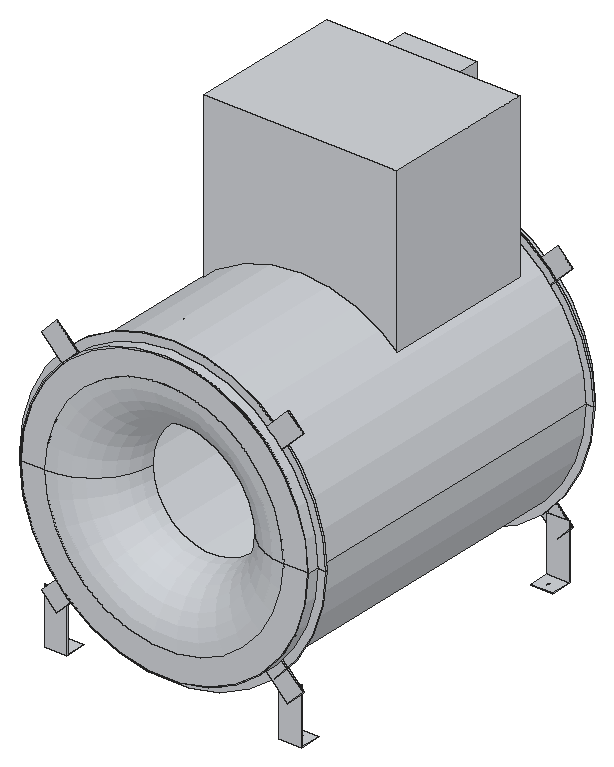
Revit family "QMX-HP_Horizontal_Level_1", category Mechanical Equipment, Revit 2019
Family settings
  Round Connector Dimension = Use Radius
  Part Type = Normal
  OmniClass Number = 23.75.35.17
  OmniClass Title = Fans
  Work Plane-Based = No
  Always vertical = Yes
  Cut with Voids When Loaded = No
  Shared = No
  Room Calculation Point = No
Parameters (values of type "365-QMX-HP_HOR_LEVEL_1")
  Unit Weight [instance] = ""
  Type_Mark [instance] = ""
  Sones [instance] = ""
  ROTATION = 45.00°  # constant formula
  POSITION [instance] = if(MOT_G, 72", if(MOT_E, 48", if(MOT_C, 24", 0")))  # 0"
  Motor RPM [instance] = ""
  Motor Enclosure [instance] = ""
  ModelID [instance] = ""
  MOT_G [instance] = no
  MOT_E [instance] = no
  MOT_C [instance] = no
  MOT_A [instance] = yes
  MOTOR_G [instance] = if(POSITION = 72", K - L, 1")  # 1"
  MOTOR_E [instance] = if(POSITION = 48", K - L, 1")  # 1"
  MOTOR_C [instance] = if(POSITION = 24", K - L, 1")  # 1"
  MOTOR_A [instance] = if(POSITION = 0", K - L, 1")  # 48 1/4"
  MCHALF = 17 1/4"
  MOTORCOVER = MCHALF * 2  # 34 1/2"
  LwA [instance] = ""
  J/2 = J / 2  # 27 11/16"
  H = 26 3/8"
  G = 30 7/16"
  Feet_Height = 10"
  E/2 = E / 2  # 3/16"
  E = 3/8"
  G/2 = J / 2  # 27 11/16"
  Fan RPM [instance] = ""
  D = 59 1/2"
  Brake Hp [instance] = ""
  Accessories [instance] = ""
  90 = 90.00°  # constant formula
  45 = 45.00°
  3 = 3"  # constant formula
  1.9375 = 1 15/16"  # constant formula
  -Feet_Height = -Feet_Height  # -10"
  -B/3*2 = -B / 3 * 2  # -42.66667"
  -(J/2)-.75 = -((J / 2) - 3/4")  # -26 15/16"
  (M/2)-2 = (M / 2) - 2"  # 19 1/32"
  (M/2)+2 = (M / 2) + 2"  # 23 1/32"
  (J/2)-.75 = (J / 2) - 3/4"  # 26 15/16"
  J+1.5 = J + 1 1/2"  # 56 7/8"
  J = 55 3/8"
  M/2 = M / 2  # 21 1/32"
  M-1.5 = M - 1 1/2"  # 40 9/16"
  M+1.5 = M + 1 1/2"  # 43 9/16"
  M = 42 1/16"
  K-D-1.5 = K - L - 1 1/2"  # 46 3/4"
  K-D = K - L  # 48 1/4"
  K = 78 1/16"
  L = 29 13/16"
  C/2 = C / 2  # 27 3/8"
  C = 54 3/4"
  B/8 = B / 6  # 10.66667"
  B/6 = B / 6  # 10.66667"
  B/3*2 = B / 3 * 2  # 42.66667"
  B/2 = B / 2  # 32"
  B/10 = B / 10  # 6.4"
  B = 64"
  A/8 = A / 8  # 6 15/32"
  A/4 = A / 4  # 12 15/16"
  A/2 = A / 2  # 25 7/8"
  A = 51 3/4"
  0 = 0"  # constant formula
  Voltage [instance] = 0 V
  URL = "www.lorencook.com"
  Type Comments = "Mixed Flow Inline Horizontal Mount Level 1 Belt Drive Arrangement 9"  # constant formula
  Static Pressure [instance] = 0.00 in-wg
  Power [instance] = Voltage * Motor FLA * sqrt(if(Phase = 3, 3, 1))  # 0 VA
  Phase [instance] = 0
  Number of Poles [instance] = 1
  Motor Hp [instance] = "0"
  Motor FLA [instance] = 0 A
  Model = "QMX-HP Level 1"  # constant formula
  Manufacturer = "Loren Cook Company"
  CFM [instance] = 0 CFM
  1.5 = 1 1/2"  # constant formula
  ONE EIGTH = 1/8"  # constant formula
  -(B/2) = -(B / 2)  # -32"
  (M+3)/2 = (M + 3") / 2  # 22 17/32"
  (D/2)+1.5 = (D / 2) + 1 1/2"  # 31 1/4"
  (A/2)-.125 = (A / 2) - 1/8"  # 25 3/4"
Types (15): name | MOTOR_A | MCHALF | MOTORCOVER | J/2 | H | G | Feet_Height | E/2 | E | G/2 | D | -Feet_Height | -B/3*2 | -(J/2)-.75 | (M/2)-2 | (M/2)+2 | (J/2)-.75 | J+1.5 | J | M/2 | M-1.5 | M+1.5 | M | K-D-1.5 | K-D | K | L | C/2 | C | B/8 | B/6 | B/3*2 | B/2 | B/10 | B | A/8 | A/4 | A/2 | A | -(B/2) | (M+3)/2 | (D/2)+1.5 | (A/2)-.125
  (no name) | 48 1/4" | 17 1/4" | 34 1/2" | 27 11/16" | 26 3/8" | 30 7/16" | 10" | 3/16" | 3/8" | 27 11/16" | 59 1/2" | -10" | -42.66667" | -26 15/16" | 19 1/32" | 23 1/32" | 26 15/16" | 56 7/8" | 55 3/8" | 21 1/32" | 40 9/16" | 43 9/16" | 42 1/16" | 46 3/4" | 48 1/4" | 78 1/16" | 29 13/16" | 27 3/8" | 54 3/4" | 10.66667" | 10.66667" | 42.66667" | 32" | 6.4" | 64" | 6 15/32" | 12 15/16" | 25 7/8" | 51 3/4" | -32" | 22 17/32" | 31 1/4" | 25 3/4"
  165-QMX-HP_HOR_LEVEL_1 | 29 13/16" | 10" | 20" | 12 1/4" | 15 5/8" | 11 7/8" | 4" | 3/16" | 3/8" | 12 1/4" | 30 1/8" | -4" | -22" | -11 1/2" | 8 21/32" | 12 21/32" | 11 1/2" | 26" | 24 1/2" | 10 21/32" | 19 13/16" | 22 13/16" | 21 5/16" | 28 5/16" | 29 13/16" | 44 1/8" | 14 5/16" | 13 1/4" | 26 1/2" | 5 1/2" | 5 1/2" | 22" | 16 1/2" | 3.3" | 33" | 2 15/16" | 5 7/8" | 11 3/4" | 23 1/2" | -16 1/2" | 12 5/32" | 16 9/16" | 11 5/8"
  180-QMX-HP_HOR_LEVEL_1 | 31 3/8" | 10" | 20" | 13 7/16" | 19 3/8" | 9 3/8" | 5" | 3/16" | 3/8" | 13 7/16" | 32 5/16" | -5" | -23.33333" | -12 11/16" | 9 7/16" | 13 7/16" | 12 11/16" | 28 3/8" | 26 7/8" | 11 7/16" | 21 3/8" | 24 3/8" | 22 7/8" | 29 7/8" | 31 3/8" | 46 7/8" | 15 1/2" | 14 5/16" | 28 5/8" | 5.83333" | 5.83333" | 23.33333" | 17 1/2" | 3 1/2" | 35" | 3 13/64" | 6 13/32" | 12 13/16" | 25 5/8" | -17 1/2" | 12 15/16" | 17 21/32" | 12 11/16"
  202-QMX-HP_HOR_LEVEL_1 | 32 13/16" | 10" | 20" | 14 7/16" | 19 3/8" | 12" | 6" | 3/16" | 3/8" | 14 7/16" | 35 1/2" | -6" | -25" | -13 11/16" | 10 9/16" | 14 9/16" | 13 11/16" | 30 3/8" | 28 7/8" | 12 9/16" | 23 5/8" | 26 5/8" | 25 1/8" | 31 5/16" | 32 13/16" | 50 1/16" | 17 1/4" | 15 7/8" | 31 3/4" | 6 1/4" | 6 1/4" | 25" | 18 3/4" | 3 3/4" | 37 1/2" | 3 19/32" | 7 3/16" | 14 3/8" | 28 3/4" | -18 3/4" | 14 1/16" | 19 1/4" | 14 1/4"
  225-QMX-HP_HOR_LEVEL_1 | 34 11/16" | 10 165/256" | 21 37/128" | 16 3/16" | 19 3/8" | 15 1/2" | 7" | 3/16" | 3/8" | 16 3/16" | 38 3/4" | -7" | -27.33333" | -15 7/16" | 11 11/16" | 15 11/16" | 15 7/16" | 33 7/8" | 32 3/8" | 13 11/16" | 25 7/8" | 28 7/8" | 27 3/8" | 33 3/16" | 34 11/16" | 53 11/16" | 19" | 17 15/32" | 34 15/16" | 6.83333" | 6.83333" | 27.33333" | 20 1/2" | 4.1" | 41" | 3 127/128" | 7 63/64" | 15 31/32" | 31 15/16" | -20 1/2" | 15 3/16" | 20 7/8" | 15 27/32"
  245-QMX-HP_HOR_LEVEL_1 | 37 7/8" | 11 149/256" | 23 21/128" | 17 15/16" | 22 3/4" | 14 3/16" | 7 1/2" | 3/16" | 3/8" | 17 15/16" | 41 9/16" | -7 1/2" | -29.66667" | -17 3/16" | 12 23/32" | 16 23/32" | 17 3/16" | 37 3/8" | 35 7/8" | 14 23/32" | 27 15/16" | 30 15/16" | 29 7/16" | 36 3/8" | 37 7/8" | 58 3/8" | 20 1/2" | 18 7/8" | 37 3/4" | 7.41667" | 7.41667" | 29.66667" | 22 1/4" | 4.45" | 44 1/2" | 4 11/32" | 8 11/16" | 17 3/8" | 34 3/4" | -22 1/4" | 16 7/32" | 22 9/32" | 17 1/4"
  270-QMX-HP_HOR_LEVEL_1 | 41 7/16" | 12 197/256" | 25 69/128" | 19 3/16" | 26 3/8" | 14 3/16" | 8" | 3/16" | 3/8" | 19 3/16" | 45 1/8" | -8" | -31.33333" | -18 7/16" | 13 31/32" | 17 31/32" | 18 7/16" | 39 7/8" | 38 3/8" | 15 31/32" | 30 7/16" | 33 7/16" | 31 15/16" | 39 15/16" | 41 7/16" | 63 7/8" | 22 7/16" | 20 21/32" | 41 5/16" | 7.83333" | 7.83333" | 31.33333" | 23 1/2" | 4.7" | 47" | 4 101/128" | 9 37/64" | 19 5/32" | 38 5/16" | -23 1/2" | 17 15/32" | 24 1/16" | 19 1/32"
  300-QMX-HP_HOR_LEVEL_1 | 43 3/4" | 14 43/256" | 28 43/128" | 22 11/16" | 26 3/8" | 20 7/8" | 9" | 3/16" | 3/8" | 22 11/16" | 49 3/8" | -9" | -36" | -21 15/16" | 15 15/32" | 19 15/32" | 21 15/16" | 46 7/8" | 45 3/8" | 17 15/32" | 33 7/16" | 36 7/16" | 34 15/16" | 42 1/4" | 43 3/4" | 68 1/2" | 24 3/4" | 22 3/4" | 45 1/2" | 9" | 9" | 36" | 27" | 5.4" | 54" | 5 5/16" | 10 5/8" | 21 1/4" | 42 1/2" | -27" | 18 31/32" | 26 3/16" | 21 1/8"
  330-QMX-HP_HOR_LEVEL_1 | 45 9/16" | 15 149/256" | 31 21/128" | 24 15/16" | 26 3/8" | 25 9/16" | 9 1/2" | 3/16" | 3/8" | 24 15/16" | 53 5/8" | -9 1/2" | -39" | -24 3/16" | 16 31/32" | 20 31/32" | 24 3/16" | 51 3/8" | 49 7/8" | 18 31/32" | 36 7/16" | 39 7/16" | 37 15/16" | 44 1/16" | 45 9/16" | 72 9/16" | 27" | 24 7/8" | 49 3/4" | 9 3/4" | 9 3/4" | 39" | 29 1/4" | 5.85" | 58 1/2" | 5 27/32" | 11 11/16" | 23 3/8" | 46 3/4" | -29 1/4" | 20 15/32" | 28 5/16" | 23 1/4"
  365-QMX-HP_HOR_LEVEL_1 | 48 1/4" | 17 1/4" | 34 1/2" | 27 11/16" | 26 3/8" | 30 7/16" | 10" | 3/16" | 3/8" | 27 11/16" | 59 1/2" | -10" | -42.66667" | -26 15/16" | 19 1/32" | 23 1/32" | 26 15/16" | 56 7/8" | 55 3/8" | 21 1/32" | 40 9/16" | 43 9/16" | 42 1/16" | 46 3/4" | 48 1/4" | 78 1/16" | 29 13/16" | 27 3/8" | 54 3/4" | 10.66667" | 10.66667" | 42.66667" | 32" | 6.4" | 64" | 6 15/32" | 12 15/16" | 25 7/8" | 51 3/4" | -32" | 22 17/32" | 31 1/4" | 25 3/4"
  402-QMX-HP_HOR_LEVEL_1 | 53 1/4" | 18 251/256" | 37 123/128" | 30" | 26 3/8" | 32 15/16" | 11" | 3/16" | 3/8" | 30" | 64 7/8" | -11" | -45.66667" | -29 1/4" | 20 29/32" | 24 29/32" | 29 1/4" | 61 1/2" | 60" | 22 29/32" | 44 5/16" | 47 5/16" | 45 13/16" | 51 3/4" | 53 1/4" | 85 7/8" | 32 5/8" | 29 31/32" | 59 15/16" | 11.41667" | 11.41667" | 45.66667" | 34 1/4" | 6.85" | 68 1/2" | 7 15/128" | 14 15/64" | 28 15/32" | 56 15/16" | -34 1/4" | 24 13/32" | 33 15/16" | 28 11/32"
  445-QMX-HP_HOR_LEVEL_1 | 59 7/8" | 21 5/256" | 42 5/128" | 32 3/4" | 30 3/8" | 36 5/16" | 12" | 3/16" | 3/8" | 32 3/4" | 70 7/8" | -12" | -49.33333" | -32" | 23 3/32" | 27 3/32" | 32" | 67" | 65 1/2" | 25 3/32" | 48 11/16" | 51 11/16" | 50 3/16" | 58 3/8" | 59 7/8" | 95 1/2" | 35 5/8" | 33 1/32" | 66 1/16" | 12.33333" | 12.33333" | 49.33333" | 37" | 7.4" | 74" | 7 113/128" | 15 49/64" | 31 17/32" | 63 1/16" | -37" | 26 19/32" | 36 15/16" | 31 13/32"
  490-QMX-HP_HOR_LEVEL_1 | 62 13/16" | 23 1/8" | 46 1/4" | 36" | 30 3/8" | 42 7/8" | 12 1/2" | 3/16" | 3/8" | 36" | 78 1/8" | -12 1/2" | -53.66667" | -35 1/4" | 25 5/8" | 29 5/8" | 35 1/4" | 73 1/2" | 72" | 27 5/8" | 53 3/4" | 56 3/4" | 55 1/4" | 61 5/16" | 62 13/16" | 101 5/8" | 38 13/16" | 36 3/16" | 72 3/8" | 13.41667" | 13.41667" | 53.66667" | 40 1/4" | 8.05" | 80 1/2" | 8 43/64" | 17 11/32" | 34 11/16" | 69 3/8" | -40 1/4" | 29 1/8" | 40 9/16" | 34 9/16"
  540-QMX-HP_HOR_LEVEL_1 | 68 5/8" | 25 123/256" | 50 123/128" | 39 1/4" | 33 3/8" | 46 1/4" | 13" | 7/32" | 7/16" | 39 1/4" | 85 3/16" | -13" | -58" | -38 1/2" | 28 1/8" | 32 1/8" | 38 1/2" | 80" | 78 1/2" | 30 1/8" | 58 3/4" | 61 3/4" | 60 1/4" | 67 1/8" | 68 5/8" | 111" | 42 3/8" | 39 25/32" | 79 9/16" | 14 1/2" | 14 1/2" | 58" | 43 1/2" | 8.7" | 87" | 9 71/128" | 19 7/64" | 38 7/32" | 76 7/16" | -43 1/2" | 31 5/8" | 44 3/32" | 38 3/32"
  600-QMX-HP_HOR_LEVEL_1 | 73 1/16" | 25 123/256" | 50 123/128" | 43 9/16" | 33 3/8" | 54 11/16" | 14" | 7/32" | 7/16" | 43 9/16" | 93 3/4" | -14" | -63.66667" | -42 13/16" | 31 5/32" | 35 5/32" | 42 13/16" | 88 5/8" | 87 1/8" | 33 5/32" | 64 13/16" | 67 13/16" | 66 5/16" | 71 9/16" | 73 1/16" | 119 11/16" | 46 5/8" | 44" | 88" | 15.91667" | 15.91667" | 63.66667" | 47 3/4" | 9.55" | 95 1/2" | 10 39/64" | 21 7/32" | 42 7/16" | 84 7/8" | -47 3/4" | 34 21/32" | 48 3/8" | 42 5/16"
Reference planes (in)
  plane 1 "Center (Front/Back)": y = 0
  plane 2: z = 0
  plane 3 "Center (Left/Right)": x = 0.40541
  plane 4: z = -29.8125
  plane 5: y = -1.5625
  plane 6: y = 24.8125
  plane 7: y = -32
  plane 8: y = 32
Forms (in)
  Extrusion 1, solid
    sketch origin (0, 0, 0) x (1, 0, 0) y (0, 0, 1)
      loop
        circle (0.40541, 0) r 25.875
      loop
        circle (0.40541, 0) r 25.75
    from -32 <- "-(B/2)" to 32 <- "B/2"
  Revolve 2, solid
    sketch origin (0, 0, 0) x (1, 0, 0) y (0, 1, 0)
      loop
        line (-25.34459, -32) -> (0.40541, -32) -> (0.40541, -21.33333) -> (-25.34459, -21.33333) -> (-25.34459, -32)
      axis (0.40541, -32) -> (0.40541, -21.33333)
    angle from 0 to 360
  Revolve 3, void
    sketch origin (0, 0, 0) x (1, 0, 0) y (0, 1, 0)
      loop
        line (0.40541, -21.33333) -> (-10.26125, -21.33333)
        arc (-10.26125, -21.33333) -> (-13.38545, -28.87581) -> (-20.92792, -32) r 10.66667
        line (-20.92792, -32) -> (0.40541, -32) -> (0.40541, -21.33333)
      axis (0.40541, -21.33333) -> (0.40541, -32)
    angle from 0 to 360
  Revolve 4, solid
    sketch origin (0, 0, 0) x (1, 0, 0) y (0, 1, 0)
      loop
        line (0.40541, 32) -> (-10.26125, 32) -> (-10.26125, 0) -> (0.40541, 0) -> (0.40541, 32)
      axis (0.40541, 32) -> (0.40541, 0)
    angle from 0 to 360
  Revolve 5, solid
    sketch origin (0, 0, 0) x (1, 0, 0) y (0, 1, 0)
      loop
        line (-26.96959, 30.0625) -> (-26.96959, 29.9375) -> (-25.46959, 29.9375) -> (-25.46959, 30.0625) -> (-26.96959, 30.0625)
      loop
        line (-26.96959, -29.9375) -> (-26.96959, -30.0625) -> (-25.46959, -30.0625) -> (-25.46959, -29.9375) -> (-26.96959, -29.9375)
      axis (0.40541, 30.0625) -> (0.40541, -30.0625)
    angle from 0 to 360
  Extrusion 6, solid, visible <- "MOT_A"
    sketch origin (0.40541, 29.9375, 0) x (-1, 0, 0) y (0, 0, -1)
      loop
        line (6.46875, 0) -> (-6.46875, 0) -> (-6.46875, -48.125) -> (6.46875, -48.125) -> (6.46875, 0)
    from 0 to 4
  Extrusion 7, solid, visible <- "MOT_A"
    sketch origin (0.40541, 25.9375, 0) x (-1, 0, 0) y (0, 0, -1)
      loop
        line (17.25, 0) -> (-17.25, 0) -> (-17.25, -48.25) -> (17.25, -48.25) -> (17.25, 0)
    from 0 to 27.5
  Extrusion 8, solid
    sketch origin (0.40541, -30.0625, 0) x (-1, 0, 0) y (0, 0, -1)
      loop
        line (23.46711, 20.72707) -> (20.72707, 23.46711) -> (16.92637, 19.66641) -> (19.66641, 16.92637) -> (23.46711, 20.72707)
      loop
        line (23.46711, -20.72707) -> (19.66641, -16.92637) -> (16.92637, -19.66641) -> (20.72707, -23.46711) -> (23.46711, -20.72707)
      loop
        line (-20.72707, -23.46711) -> (-16.92637, -19.66641) -> (-19.66641, -16.92637) -> (-23.46711, -20.72707) -> (-20.72707, -23.46711)
      loop
        line (-19.66641, 16.92637) -> (-16.92637, 19.66641) -> (-20.72707, 23.46711) -> (-23.46711, 20.72707) -> (-19.66641, 16.92637)
    from 0 to 0.125
  Extrusion 9, solid
    sketch origin (0.40541, 30.0625, 0) x (0, 0, -1) y (-1, 0, 0)
      loop
        line (16.92637, 19.66641) -> (19.66641, 16.92637) -> (23.46711, 20.72707) -> (20.72707, 23.46711) -> (16.92637, 19.66641)
      loop
        line (-19.66641, -16.92637) -> (-23.46711, -20.72707) -> (-20.72707, -23.46711) -> (-16.92637, -19.66641) -> (-19.66641, -16.92637)
      loop
        line (19.66641, -16.92637) -> (16.92637, -19.66641) -> (20.72707, -23.46711) -> (23.46711, -20.72707) -> (19.66641, -16.92637)
      loop
        line (-19.66641, 16.92637) -> (-16.92637, 19.66641) -> (-20.72707, 23.46711) -> (-23.46711, 20.72707) -> (-19.66641, 16.92637)
    from 0 to 0.125
  Extrusion 10, solid, visible <- "MOT_C"
    sketch origin (0.40541, -1.5625, 0) x (-1, 0, 0) y (0, 0, -1)
      loop
        line (-1, -17.25) -> (0, -17.25) -> (0, 17.25) -> (-1, 17.25) -> (-1, -17.25)
    from 0 to -27.5
  Extrusion 11, solid, visible <- "MOT_E"
    sketch origin (0.40541, -1.5625, 0) x (-1, 0, 0) y (0, 0, -1)
      loop
        line (17.25, 1) -> (-17.25, 1) -> (-17.25, 0) -> (17.25, 0) -> (17.25, 1)
    from 0 to -27.5
  Extrusion 12, solid, visible <- "MOT_G"
    sketch origin (0.40541, -20.5625, 0) x (-1, 0, 0) y (0, 0, -1)
      loop
        line (1, -17.25) -> (1, 17.25) -> (0, 17.25) -> (0, -17.25) -> (1, -17.25)
    from -19 to -46.5
  Extrusion 13, solid, visible <- "MOT_C"
    sketch origin (0.40541, 25.9375, 0) x (1, 0, 0) y (0, 0, -1)
      loop
        line (0.875, -6.46875) -> (0.875, 6.46875) -> (0, 6.46875) -> (0, -6.46875) -> (0.875, -6.46875)
    from 0 to 4
  Extrusion 14, solid, visible <- "MOT_E"
    sketch origin (0.40541, 25.9375, 0) x (1, 0, 0) y (0, 0, -1)
      loop
        line (6.46875, 0.875) -> (-6.46875, 0.875) -> (-6.46875, 0) -> (6.46875, 0) -> (6.46875, 0.875)
    from 0 to 4
  Extrusion 15, solid, visible <- "MOT_G"
    sketch origin (0.40541, 25.9375, 0) x (1, 0, 0) y (0, 0, -1)
      loop
        line (0, -6.46875) -> (0, 6.46875) -> (-0.875, 6.46875) -> (-0.875, -6.46875) -> (0, -6.46875)
    from 0 to 4
  Extrusion 16, solid
    sketch origin (-63.11272, -180, -29.8125) x (-1, 0, 0) y (0, -1, 0)
      loop
        line (-40.48688, -210.0625) -> (-40.48688, -206.1875) -> (-44.48688, -206.1875) -> (-44.48688, -210.0625) -> (-40.48688, -210.0625)
      loop
        line (-82.54938, -210.0625) -> (-82.54938, -206.1875) -> (-86.54938, -206.1875) -> (-86.54938, -210.0625) -> (-82.54938, -210.0625)
      loop
        line (-82.54938, -149.9375) -> (-86.54938, -149.9375) -> (-86.54938, -153.8125) -> (-82.54938, -153.8125) -> (-82.54938, -149.9375)
      loop
        line (-44.48688, -149.9375) -> (-44.48688, -153.8125) -> (-40.48688, -153.8125) -> (-40.48688, -149.9375) -> (-44.48688, -149.9375)
      loop
        circle (-42.48688, -207.6875) r 0.1875
      loop
        circle (-42.48688, -152.3125) r 0.1875
      loop
        circle (-84.54938, -152.3125) r 0.1875
      loop
        circle (-84.54938, -207.6875) r 0.1875
    from 0 to 10 <- "Feet_Height"
  Extrusion 17, void
    sketch origin (-63.11272, -180, -29.8125) x (0, -1, 0) y (-1, 0, 0)
      loop
        line (-206.1875, -40.48688) -> (-209.9375, -40.48688) -> (-209.9375, -44.48688) -> (-206.1875, -44.48688) -> (-206.1875, -40.48688)
      loop
        line (-209.9375, -82.54938) -> (-209.9375, -86.54938) -> (-206.1875, -86.54938) -> (-206.1875, -82.54938) -> (-209.9375, -82.54938)
      loop
        line (-153.8125, -86.54938) -> (-150.0625, -86.54938) -> (-150.0625, -82.54938) -> (-153.8125, -82.54938) -> (-153.8125, -86.54938)
      loop
        line (-150.0625, -44.48688) -> (-150.0625, -40.48688) -> (-153.8125, -40.48688) -> (-153.8125, -44.48688) -> (-150.0625, -44.48688)
    from -0.125 to -10 <- "-Feet_Height"
Cuts and joins
  Revolve 3 cuts Revolve 2
  Extrusion 17 cuts Extrusion 16
Lines and regions (in)
  reference lines
    curve 1: line (0.40541, -42.8125, 0) -> (-33.71249, -42.8125, 34.1179)
    curve 2: line (0.40541, -42.8125, 0) -> (34.52331, -42.8125, 34.1179)
    curve 3: line (-33.71249, -42.8125, -34.1179) -> (0.40541, -42.8125, 0)
    curve 4: line (0.40541, -42.8125, 0) -> (34.52331, -42.8125, -34.1179)
Dimensions and locks (in)
  "0": Extrusion 1 sketch curve to level  (x2)
  "0": Revolve 2 sketch curve to plane 3 "Center (Left/Right)"  (x2)
  "0": Revolve 2 sketch curve to Extrusion 1
  "(A/2)-.125": Revolve 2 sketch curve to plane 3 "Center (Left/Right)"
  "B/8": Revolve 2 sketch curve to Extrusion 1
  "B/8": Revolve 3 sketch curve to plane 3 "Center (Left/Right)"
  "0": Revolve 3 sketch curve to Extrusion 1
  "0": Revolve 3 sketch curve to Revolve 2
  "0": Revolve 3 sketch curve to plane 3 "Center (Left/Right)"  (x2)
  "0": Revolve 4 sketch curve to plane 1 "Center (Front/Back)"
  "0": Revolve 4 sketch curve to plane 3 "Center (Left/Right)"  (x2)
  "B/8": Revolve 4 sketch curve to Revolve 4 sketch curve
  "ONE EIGTH": Revolve 5 sketch curve to Revolve 5 sketch curve  (x2)
  "A/2": Revolve 5 sketch curve to plane 3 "Center (Left/Right)"  (x2)
  "C/2": Revolve 5 sketch curve to plane 3 "Center (Left/Right)"  (x2)
  "0": Revolve 5 sketch curve to plane 3 "Center (Left/Right)"
  "0": Extrusion 1 to Revolve 4 sketch curve
  "0": curve 1 to level
  "0": plane 3 "Center (Left/Right)" to curve 1
  "K-D": curve 1 to curve 1
  "0": curve 2 to plane 3 "Center (Left/Right)"
  "0": curve 2 to level
  "K-D": curve 2 to curve 2
  "MCHALF": plane 3 "Center (Left/Right)" to Extrusion 7 sketch curve
  "MCHALF": Extrusion 7 sketch curve to plane 3 "Center (Left/Right)"
  "0": Extrusion 7 sketch curve to level
  "MOTOR_A": Extrusion 7 sketch curve to level
  "0": Extrusion 6 sketch curve to level
  "ONE EIGTH": Extrusion 7 to Extrusion 6 sketch curve
  "A/8": plane 3 "Center (Left/Right)" to Extrusion 6 sketch curve  (x2)
  "0": level to curve 3
  "0": level to curve 4
  "0": curve 4 to plane 3 "Center (Left/Right)"
  "0": plane 3 "Center (Left/Right)" to curve 3
  "K-D": curve 3 to curve 3
  "K-D": curve 4 to curve 4
  "0": Extrusion 10 sketch curve to plane 3 "Center (Left/Right)"
  "MOTOR_C": Extrusion 10 sketch curve to plane 3 "Center (Left/Right)"
  "MCHALF": Extrusion 10 sketch curve to level
  "MCHALF": level to Extrusion 10 sketch curve
  "0": Extrusion 11 sketch curve to level
  "MOTOR_E": level to Extrusion 11 sketch curve
  "MCHALF": Extrusion 11 sketch curve to plane 3 "Center (Left/Right)"  (x2)
  "0": Extrusion 12 sketch curve to plane 3 "Center (Left/Right)"
  "MOTOR_G": plane 3 "Center (Left/Right)" to Extrusion 12 sketch curve
  "MCHALF": Extrusion 12 sketch curve to level
  "MCHALF": level to Extrusion 12 sketch curve
  "0": Extrusion 13 sketch curve to plane 3 "Center (Left/Right)"
  "ONE EIGTH": Extrusion 13 sketch curve to Extrusion 10
  "A/8": level to Extrusion 13 sketch curve
  "A/8": Extrusion 13 sketch curve to level
  "ONE EIGTH": Extrusion 11 to Extrusion 14 sketch curve
  "0": Extrusion 14 sketch curve to level
  "A/8": Extrusion 14 sketch curve to Extrusion 12  (x2)
  "A/8": level to Extrusion 15 sketch curve
  "A/8": Extrusion 15 sketch curve to level
  "0": plane 3 "Center (Left/Right)" to Extrusion 15 sketch curve
  "ONE EIGTH": Extrusion 15 sketch curve to Extrusion 12
  "1.9375": curve 3 to Extrusion 9 sketch curve
  "1.9375": Extrusion 9 sketch curve to curve 3
  "1.9375": curve 4 to Extrusion 9 sketch curve
  "1.9375": Extrusion 9 sketch curve to curve 4
  "1.9375": Extrusion 9 sketch curve to curve 2
  "1.9375": curve 2 to Extrusion 9 sketch curve
  "1.9375": Extrusion 9 sketch curve to curve 1
  "1.9375": curve 1 to Extrusion 9 sketch curve
  "A/2": curve 3 to Extrusion 9 sketch curve
  "A/2": Extrusion 9 sketch curve to curve 3
  "A/2": Extrusion 9 sketch curve to curve 4
  "A/2": curve 4 to Extrusion 9 sketch curve
  "(D/2)+1.5": Extrusion 9 sketch curve to curve 3
  "(D/2)+1.5": curve 2 to Extrusion 9 sketch curve
  "(D/2)+1.5": curve 4 to Extrusion 9 sketch curve
  "(D/2)+1.5": Extrusion 9 sketch curve to curve 4
  "1.9375": Extrusion 1 to Revolve 5 sketch curve  (x2)
  "L": level to plane 4
  "(M/2)+2": plane 3 "Center (Left/Right)" to Extrusion 16 sketch curve  (x2)
  "(M/2)+2": Extrusion 16 sketch curve to plane 3 "Center (Left/Right)"  (x2)
  "(M/2)-2": Extrusion 16 sketch curve to plane 3 "Center (Left/Right)"  (x2)
  "(M/2)-2": plane 3 "Center (Left/Right)" to Extrusion 16 sketch curve  (x2)
  locked: Extrusion 9 to Extrusion 16 sketch curve at 4
  locked: Extrusion 8 to Extrusion 16 sketch curve at 4
  "M/2": Extrusion 16 sketch curve to plane 3 "Center (Left/Right)"  (x2)
  "M/2": plane 3 "Center (Left/Right)" to Extrusion 16 sketch curve  (x2)
  "J/2": Extrusion 16 sketch curve to plane 1 "Center (Front/Back)"  (x2)
  "J/2": plane 1 "Center (Front/Back)" to Extrusion 16 sketch curve  (x2)
  "B/2": plane 1 "Center (Front/Back)" to plane 7
  "B/2": plane 8 to plane 1 "Center (Front/Back)"
  "G": plane 5 to plane 7
  "H": plane 6 to plane 5
  "A/2": radius of Extrusion 1 sketch curve
  "(A/2)-.125": radius of Extrusion 1 sketch curve
  "B/8": radius of Revolve 3 sketch curve
  "E/2": radius of Extrusion 16 sketch curve  (x4)
  "ROTATION": angle curve 1 to level
  "90": angle curve 2 to curve 1
  "45": angle level to curve 3
  "45": angle curve 4 to level
  aligned and locked: Extrusion 8 sketch curve to Extrusion 9  (x16)
  aligned and locked: Extrusion 16 sketch curve to Extrusion 16 sketch curve  (x2)
  aligned and locked: Extrusion 17 sketch curve to Extrusion 16  (x11)
  aligned and locked: Extrusion 17 sketch curve to Revolve 5  (x2)
  aligned and locked: Revolve 5 to Extrusion 17 sketch curve  (x2)
  aligned and locked: Extrusion 16 to Extrusion 17 sketch curve
  aligned and locked: Extrusion 8 to Extrusion 16 sketch curve
  aligned and locked: Revolve 5 to Extrusion 16 sketch curve  (x3)
  aligned and locked: Extrusion 14 to Extrusion 6
  aligned and locked: Extrusion 6 to Extrusion 13
  aligned and locked: Extrusion 6 to Extrusion 15
  aligned and locked: plane 5 to Extrusion 7
  aligned and locked: plane 5 to Extrusion 12
  aligned and locked: Extrusion 7 to Extrusion 10
  aligned and locked: Extrusion 11 to Extrusion 7
  aligned and locked: Extrusion 7 to Extrusion 12
Automatic sketch dimensions
  Extrusion 1 sketch curve to Extrusion 1 sketch curve = 0"
  Extrusion 1 sketch curve to plane 3 "Center (Left/Right)" = 0"
  Revolve 2 sketch curve to Revolve 2 sketch curve = 0"
  plane 1 "Center (Front/Back)" to Revolve 2 sketch curve = 3.17163"
  Revolve 3 sketch curve to Revolve 3 sketch curve = 0"  (x3)
  Revolve 3 sketch curve to Revolve 3 sketch curve = 3"
  Revolve 4 sketch curve to plane 1 "Center (Front/Back)" = 0"
  Revolve 4 sketch curve to Revolve 4 sketch curve = 4"
  Revolve 5 sketch curve to Revolve 5 sketch curve = 1 1/2"
  Revolve 5 sketch curve to Revolve 5 sketch curve = 4"
Connectors (in)
  hvac at (0.40541, -32, 0), driven by "A/2"
    settings: on cut or joined group of Revolve 2, Revolve 3, index 1, duct flow 0 CFM, flow factor 0, pres drop 0.00 in-wg, loss coef 0, conn angle 0.00°, conn width 12", conn height 12", conn diameter 51 3/4", duct sys type 29, conn prof type 0, flow config 0, flow direction 1, loss method 0, conn ref index -1, conn util no, is conn primary yes, conn desc ""
  hvac at (0.40541, 32, 0), driven by "A/2"
    settings: on Extrusion 1, index 2, duct flow 0 CFM, flow factor 0, pres drop 0.00 in-wg, loss coef 0, conn angle 0.00°, conn width 12", conn height 12", conn diameter 51 3/4", duct sys type 29, conn prof type 0, flow config 0, flow direction 2, loss method 0, conn ref index -1, conn util no, is conn primary no, conn desc ""
  electrical at (0.40541, -30.0625, 0)
    settings: on Revolve 5, index 3, voltage 0 V, apparent load 0 VA, apparent load phase1 0 VA, apparent load phase2 0 VA, apparent load phase3 0 VA, power factor 1, load classification "Other", number of poles 1, system type 31, power factor state 1, is connector primary yes, connector utility no, sub classification motor no, connector description ""
